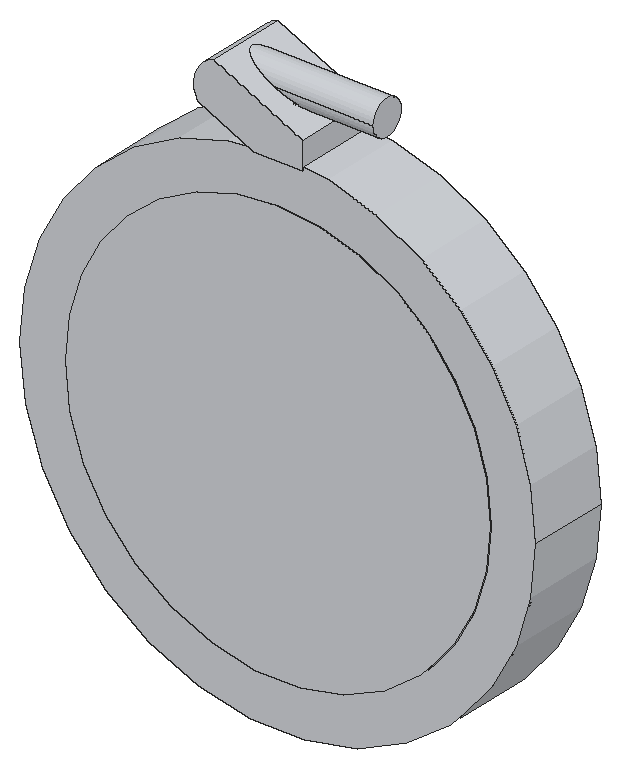
Revit family
Parameters
  URL = "www.siouxchief.com"
  Model = "521-723B"
  Manufacturer = "Sioux Chief Manufacturing"
  Keynote = "DWV Bracket"
  Description = "3\" Bracket"
Reference planes (in)
  plane 1 "Center (Front/Back)": y = 0
  plane 2: z = 0
  plane 3 "Center (Left/Right)": x = 0
Forms (in)
  Extrusion 1, solid
    sketch origin (0, -0.09375, -3.85184) x (0, 0, 1) y (-1, 0, 0)
      loop
        circle (3.85184, 0) r 1.5
    from -0.375 to 0.192
  Extrusion 2, solid
    sketch origin (0, 0.28125, 0) x (0, 0, 1) y (-1, 0, 0)
      loop
        circle (0, 0) r 1.82
    from 0 to 0.567
  Extrusion 3, solid
    sketch origin (0.17049, -0.75, 0.20312) x (0, 0, 1) y (-1, 0, 0)
      loop
        line (1.575, 0) -> (1.76708, 0) -> (2.05829, 0.62451)
        arc (2.05829, 0.62451) -> (1.9351, 0.75189) -> (1.7587, 0.73493) r 0.20414
        line (1.7587, 0.73493) -> (1.575, 0.34099) -> (1.575, 0)
    from -1.03125 to -0.46425
  Extrusion 4, solid
    sketch origin (-0.46094, 0, 0.24219) x (0, 1, 0) y (0, 0, 1)
      loop
        circle (0, 1.87955) r 0.12234
    from 0 to 1
Dimensions and locks (in)
  aligned and locked: plane 2 to level
  aligned and locked: Extrusion 2 to Extrusion 1  (x2)
  aligned and locked: Extrusion 1 to Extrusion 3  (x2)
Connectors (in)
  piping at (0, 0.28125, 0)
    settings: on Extrusion 1, index 1, connector radius 1 1/2", flow factor 0, pipe flow 0 GPM, pressure drop 0.00 psi, fitting loss kfactor 0, connector angle 0.00°, fixture units 0, flow configuration 0, flow direction 0, fitting loss method 0, system type 22, connector reference index -1, connector utility 0, adjustable connector no, is connector primary yes, fitting loss table "", connector description ""
  piping at (0, -0.28575, 0)
    settings: on Extrusion 1, index 2, connector radius 1 1/2", flow factor 0, pipe flow 0 GPM, pressure drop 0.00 psi, fitting loss kfactor 0, connector angle 0.00°, fixture units 0, flow configuration 0, flow direction 0, fitting loss method 0, system type 22, connector reference index -1, connector utility 0, adjustable connector no, is connector primary no, fitting loss table "", connector description ""
